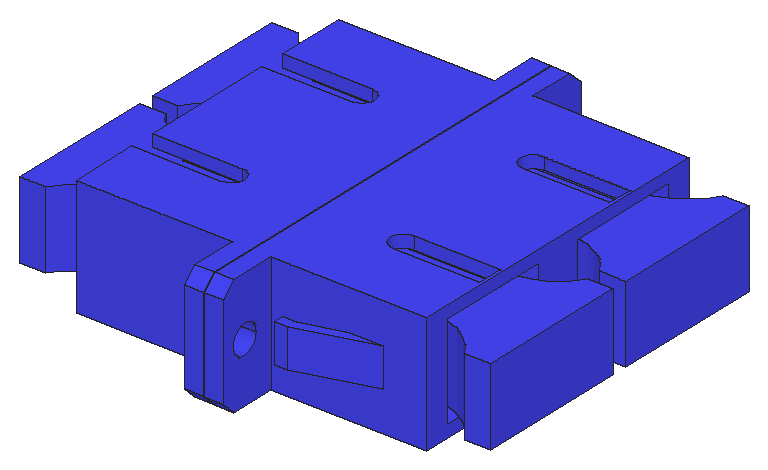
Revit family "ITK Проходной адаптер SC-SC_SM-MM_Dupplex", category Обобщенные модели, Revit 2019
Family settings
  Может служить основой для арматурных стержней = Нет
  Размер круглого соединителя = Использовать диаметр
  Тип детали = Нормальный
  На основе рабочей плоскости = Нет
  Всегда вертикально = Да
  При загрузке вырезать с полостями = Нет
  Общий = Нет
  Точка расчета площади = Нет
Parameters (values of type "UPC")
  Ширина = 37 mm  # constant formula
  Степень защиты = ""
  Материал = Пластик синий
  Изготовитель = "ITK"  # constant formula
  Дата изменения = ""
  URL = "https://www.iek.ru/"
  KSI_CPr_Строительные изделия = "61.1.03.04"  # constant formula
  KSI_CMa_Строительные материалы = "01.7.14.02"  # constant formula
  IEK_Цена за единицу = 59.06
  IEK_Поиск в таблице имен = ""
  IEK_Описание = "Качественное, надежное соединение для передачи сигнала.\r\nБольшой ресурс включений - 500.\r\nВысококачественный материал продукции.\r\nБольшой диапазон температур от -40°C до +75°C."
  IEK_URL = "https://www.itk-group.ru/produktsiya/catalog/oborudovanie_telekommunikatsionnoe/komponenty_sks_opticheskie/komponenty_sks_opticheskie/opticheskie_adaptery/itk_prokhodnoy_adapter_sc_sc_sm_mm_upc_duplex"
  ADSK_Примечание = ""
  ADSK_Позиция [instance] = ""
  ADSK_Наименование = "ITK Проходной адаптер SC-SC, (SM/MM), UPC, (Duplex)"
  ADSK_Материал обозначение = ""
  ADSK_Материал наименование = "Пластик"  # constant formula
  ADSK_Масса = 0
  ADSK_Марка = ""  # constant formula
  ADSK_Код изделия = "FC1-SCUSCU2C-SM"
  ADSK_Завод-изготовитель = "IEK"  # constant formula
  ADSK_Единица измерения = "шт"  # constant formula
  ADSK_Группирование = "I. ЩИТЫ И ПУЛЬТЫ"  # constant formula
  ADSK_Версия семейства = "1.0"  # constant formula
  ADSK_Версия Revit = "2019"  # constant formula
  ADSK_URL страницы изделия = "https://www.itk-group.ru/produktsiya/catalog/oborudovanie_telekommunikatsionnoe/komponenty_sks_opticheskie/komponenty_sks_opticheskie/opticheskie_adaptery/"
Types (2, lengths in mm): name | Материал | IEK_Цена за единицу | IEK_URL | ADSK_Наименование | ADSK_Код изделия
  APC | Пластик зеленый | 58.61 | "https://www.itk-group.ru/produktsiya/catalog/oborudovanie_telekommunikatsionnoe/komponenty_sks_opticheskie/komponenty_sks_opticheskie/opticheskie_adaptery/itk_prokhodnoy_adapter_sc_sc_sm_mm_apc_duplex" | "ITK Проходной адаптер SC-SC, (SM/MM), APC, (Duplex)" | "FC1-SCASCA2C-SM"
  UPC | Пластик синий | 59.06 | "https://www.itk-group.ru/produktsiya/catalog/oborudovanie_telekommunikatsionnoe/komponenty_sks_opticheskie/komponenty_sks_opticheskie/opticheskie_adaptery/itk_prokhodnoy_adapter_sc_sc_sm_mm_upc_duplex" | "ITK Проходной адаптер SC-SC, (SM/MM), UPC, (Duplex)" | "FC1-SCUSCU2C-SM"
Reference planes
  plane 1 "По центру (Вперед/Назад)": y = 0
  plane 2: z = 0
  plane 3 "По центру (Влево/Вправо)": x = 0
  plane 4: z = 6.25
  plane 5: x = -18.5
  plane 6: x = 18.5
Forms (mm)
  Extrusion 1, solid, material "Пластик синий" <- "Материал", detail levels fine
    sketch origin (0, 0, 0) x (0, 1, 0) y (0, 0, 1)
      loop
        line (-16.45, 9.3) -> (-17.45, 8.3) -> (-17.45, 1) -> (-16.45, 0) -> (16.45, 0) -> (17.45, 1) -> (17.45, 8.3) -> (16.45, 9.3) -> (-16.45, 9.3)
      loop
        circle (15.373, 4.65) r 1.166
      loop
        circle (-15.373, 4.65) r 1.166
      loop
        line (10.85, 8.35) -> (1.85, 8.35) -> (1.85, 0.95) -> (10.85, 0.95) -> (10.85, 8.35)
      loop
        line (-10.85, 8.35) -> (-10.85, 0.95) -> (-1.85, 0.95) -> (-1.85, 8.35) -> (-10.85, 8.35)
    from 0 to -13.7
  Extrusion 2, void
    sketch origin (0, 0, 0) x (1, 0, 0) y (0, 1, 0)
      loop
        line (-1.5, 12.8) -> (-1.5, 17.45) -> (-15.072, 17.45) -> (-15.072, 12.8) -> (-1.5, 12.8)
      loop
        line (-1.5, -12.8) -> (-27.031, -12.8) -> (-27.031, -17.45) -> (-1.5, -17.45) -> (-1.5, -12.8)
    from 0 to 9.3
  Extrusion 3, void
    sketch origin (0, 0, 0) x (1, 0, 0) y (0, 1, 0)
      loop
        arc (-6.7, 5.35) -> (-5.7, 6.35) -> (-6.7, 7.35) r 1
        line (-6.7, 7.35) -> (-27.031, 7.35) -> (-27.031, 5.35) -> (-6.7, 5.35)
      loop
        line (-6.7, -5.35) -> (-27.031, -5.35) -> (-27.031, -7.35) -> (-6.7, -7.35)
        arc (-6.7, -7.35) -> (-5.7, -6.35) -> (-6.7, -5.35) r 1
    from 8.35 to 9.3
  Extrusion 4, solid, material "Пластик синий" <- "Материал", detail levels fine
    sketch origin (0, 0, 0) x (0, 1, 0) y (0, 0, -1)
      loop
        line (-16.45, -9.3) -> (16.45, -9.3) -> (17.45, -8.3) -> (17.45, -1) -> (16.45, 0) -> (-16.45, 0) -> (-17.45, -1) -> (-17.45, -8.3) -> (-16.45, -9.3)
      loop
        circle (15.373, -4.65) r 1.166
      loop
        circle (-15.373, -4.65) r 1.166
      loop
        line (10.85, -8.35) -> (10.85, -0.95) -> (1.85, -0.95) -> (1.85, -8.35) -> (10.85, -8.35)
      loop
        line (-10.85, -8.35) -> (-1.85, -8.35) -> (-1.85, -0.95) -> (-10.85, -0.95) -> (-10.85, -8.35)
    from 0 to -13.7
  Extrusion 5, void
    sketch origin (0, 0, 0) x (-1, 0, 0) y (0, -1, 0)
      loop
        line (-1.5, -12.8) -> (-14.737, -12.8) -> (-14.737, -17.45) -> (-1.5, -17.45) -> (-1.5, -12.8)
      loop
        line (-1.5, 12.8) -> (-1.5, 17.45) -> (-14.33, 17.45) -> (-14.33, 12.8) -> (-1.5, 12.8)
    from 0 to 9.3
  Extrusion 6, void
    sketch origin (0, 0, 0) x (-1, 0, 0) y (0, -1, 0)
      loop
        line (-6.7, -5.35) -> (-13.5, -5.35) -> (-13.5, -7.35) -> (-6.7, -7.35)
        arc (-6.7, -7.35) -> (-5.7, -6.35) -> (-6.7, -5.35) r 1
      loop
        arc (-6.7, 5.35) -> (-5.7, 6.35) -> (-6.7, 7.35) r 1
        line (-6.7, 7.35) -> (-13.5, 7.35) -> (-13.5, 5.35) -> (-6.7, 5.35)
    from 8.35 to 9.3
  Extrusion 7, solid, material "Пластик синий" <- "Материал", detail levels fine
    sketch origin (0, 0, 0) x (1, 0, 0) y (0, 1, 0)
      loop
        line (3.3, 13.85) -> (4.255, 13.85) -> (7.677, 12.8) -> (10.285, 12.8) -> (4.3, 14.636) -> (3.3, 14.636) -> (3.3, 13.85)
      loop
        line (3.3, -13.85) -> (3.3, -14.636) -> (4.3, -14.636) -> (10.285, -12.8) -> (7.677, -12.8) -> (4.255, -13.85) -> (3.3, -13.85)
    from 3.15 to 6.15
  Extrusion 8, solid, material "Пластик синий" <- "Материал", detail levels fine
    sketch origin (0, 0, 0) x (1, 0, 0) y (0, 1, 0)
      loop
        line (-18.5, 12.29) -> (-18.5, 0.627) -> (-16.5, 0.627)
        arc (-16.5, 0.627) -> (-14.573, 2.421) -> (-12, 2.975) r 4.956
        line (-12, 2.975) -> (-12, 4.55) -> (-3.2, 4.55) -> (-3.2, 8.15) -> (-12, 8.15) -> (-12, 9.716)
        arc (-12, 9.716) -> (-14.542, 10.492) -> (-16.5, 12.29) r 6
        line (-16.5, 12.29) -> (-18.5, 12.29)
      loop
        line (-18.5, -0.593) -> (-18.5, -12.29) -> (-16.5, -12.29)
        arc (-16.5, -12.29) -> (-14.542, -10.492) -> (-12, -9.716) r 6
        line (-12, -9.716) -> (-12, -8.132) -> (-3.2, -8.132) -> (-3.2, -4.532) -> (-12, -4.532) -> (-12, -2.948)
        arc (-12, -2.948) -> (-14.575, -2.392) -> (-16.5, -0.593) r 4.948
        line (-16.5, -0.593) -> (-18.5, -0.593)
    from 1.65 to 7.65
  Extrusion 9, solid, material "Пластик синий" <- "Материал", detail levels fine
    sketch origin (0, 0, 0) x (-1, 0, 0) y (0, -1, 0)
      loop
        line (-18.5, -12.6) -> (-16.5, -12.6)
        arc (-16.5, -12.6) -> (-14.586, -10.639) -> (-12, -9.734) r 6
        line (-12, -9.734) -> (-12, -8.15) -> (-3.2, -8.15) -> (-3.2, -4.55) -> (-12, -4.55) -> (-12, -2.966)
        arc (-12, -2.966) -> (-14.571, -2.415) -> (-16.5, -0.627) r 4.966
        line (-16.5, -0.627) -> (-18.5, -0.627) -> (-18.5, -12.6)
      loop
        line (-18.5, 0.627) -> (-16.5, 0.627)
        arc (-16.5, 0.627) -> (-14.571, 2.415) -> (-12, 2.966) r 4.966
        line (-12, 2.966) -> (-12, 4.55) -> (-3.2, 4.55) -> (-3.2, 8.15) -> (-12, 8.15) -> (-12, 9.734)
        arc (-12, 9.734) -> (-14.586, 10.639) -> (-16.5, 12.6) r 6
        line (-16.5, 12.6) -> (-18.5, 12.6) -> (-18.5, 0.627)
    from 1.65 to 7.65
  Extrusion 10, solid, material "Условный материал-отделка", detail levels coarse+medium
    sketch origin (0, 0, 0) x (1, 0, 0) y (0, 1, 0)
      loop
        line (-18.5, 17.45) -> (-18.5, -17.45) -> (18.5, -17.45) -> (18.5, 17.45) -> (-18.5, 17.45)
    from 0 to 9.3
Cuts and joins
  Extrusion 2, Extrusion 3, Extrusion 5, Extrusion 6 cuts Extrusion 1
  Extrusion 5, Extrusion 6 cuts Extrusion 4
Dimensions and locks
  aligned and locked: level to plane 2
  aligned and locked: plane 5 to Extrusion 8
  aligned and locked: Extrusion 8 to plane 5
  aligned and locked: plane 6 to Extrusion 9
  aligned and locked: Extrusion 9 to plane 6
  aligned and locked: plane 6 to Extrusion 10 sketch curve
  aligned and locked: plane 5 to Extrusion 10 sketch curve
  aligned and locked: Extrusion 10 to cut or joined group of Extrusion 1, Extrusion 2, Extrusion 3, Extrusion 5, Extrusion 6
